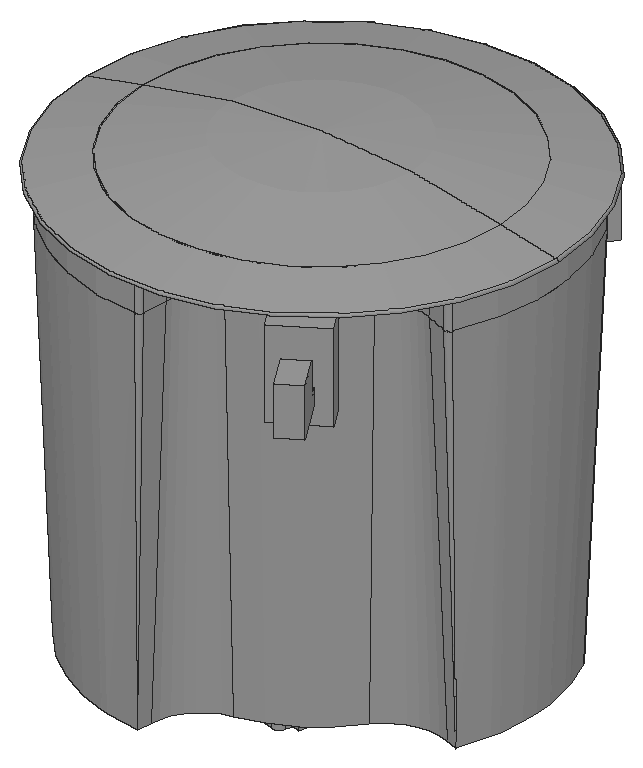
Revit family "FAP40T-B", category Communication Devices, Revit 2014
Parameters (values of type "Two Way, Full Range, Coaxial Ceiling Loudspeaker")
  Width = 7 3/8"
  Weight Product = 8.5
  Warranty = "5 Year"
  Vertical Symmetry = yes
  URL = "www.atlassound.com"
  Transformer Option = yes
  Specification by User (default) = "TBD"
  Speaker Type = "S1"
  Speaker Listening Height [instance] = 30"
  Speaker Height [instance] = 120"
  Speaker Dispersion = 50.00°
  Speaker Cone Visible [instance] = no
  Speaker Cone Height [instance] = (Speaker Height - Speaker Listening Height)  # 90"
  Sensitivity = 87
  ScheduleType |RF| = "AtlasIED Master"
  Safety Features = "1 Safety Hang Point"
  Safety Agency Ratings = "UL Listed to Comply with UL1480, UL2043 and CSA60065. Suitable for Use in Air Handling Spaces per NFPA 70 and NFPA 90"
  SPL Max = 107
  Regulatory Compliance = "UL Listed to Comply with UL1480, UL2043 and CSA60065. Suitable for Use in Air Handling Spaces per NFPA 70 and NFPA 90"
  Radius of Speaker Cone [instance] = (Speaker Cone Height) * tan(Speaker Dispersion / 2)  # 41.96769"
  Product Page URL = "https://www.atlasied.com/fap40t"
  Product Documentation Link = "https://www.atlasied.com/f/2909/ATS001618%20FAP40T%20Datasheet%20RevD.pdf"
  Power Rating (RMS) = "16 Watts (8Ω)"
  OmniClass Title = "SPEAKERS"
  OmniClass Number = "23-37 17 13 19"
  Mounting/Rigging Provisions = "Patented Safety First Mounting System"
  Mount Material = QF_Plastic - Black - Fine Textured
  Model = "FAP40T-B"
  MaterFormat Title = "SPEAKERS"
  MasterFormat = "27 41 13"
  Market = "Commercial, Higher Education, Emergency"
  Manufacturer URL = "https://www.atlasied.com"
  Manufacturer Phone = "(800) 876 - 3333"
  Manufacturer Email = "support@atlasied.com"
  Manufacturer Address = "4545 E. Baseline Rd., Phoenix, AZ 85042"
  Manufacturer = "ATLAS SOUND"
  Input Connectors = "Input Via 2 Pole Terminal Strip"
  Ingress Protection = "IP-21"
  Impedance = 8
  IQ Category = "SPEAKERS"
  Height = 7 1/8"
  Grill Material = QF_Plastic - Black - Fine Textured
  Frequency Response  = "100Hz – 12kHz (±3dB) / 80Hz – 15kHz (±5dB)"
  Family Version [instance] = "2017-01"
  Family Code (default) = "LOUD SPEAKERS"
  Enclosure Material = none
  Dispersion Angle = 0.00°
  Description = "4\" IN CEILING LOUDSPEAKER WITH 16-WATT 70/100V TRANSFORMER AND PORTED ENCLOSURE - BLACK"
  Depth = 7 3/8"
  Coverage Vertical = 110.00°
  Coverage Horizontal = 110.00°
  Cost MSRP = 74.99
  Cost = 74.99
  Controls = "Front Mounted Tap Selector Switch"
  Color = none
  Body Material = QF_Plastic - Black - Fine Textured
  Baffle Material = none
  70V Taps = "1, 2, 4, 8, and 16 watts & 8Ω"
  100V Taps = "1, 2, 4, 8, and 16 Watts primary taps (@70.7V)"
Reference planes (in)
  plane 1 "Center (Front/Back)": y = 0
  plane 2: z = 0
  plane 3 "Center (Left/Right)": x = 0
  plane 4: z = 0.55153
  plane 5: x = 3.6
  plane 6: x = -3.6
  plane 7: x = 3.15625
  plane 8: x = -3.15625
  plane 9: z = -7.125
  plane 10: x = 3.6875
  plane 11: x = -3.6875
  plane 12: y = 3.6875
  plane 13: y = -3.6875
Forms (in)
  Revolve 1, solid, material "QF_Plastic - Black - Fine Textured" <- "Mount Material"
    sketch origin (0, 0, 0) x (1, 0, 0) y (0, 0, 1)
      loop
        line (-3.6875, 0) -> (0, 0) -> (0, 0.21227) -> (-2.79819, 0.21227)
        arc (-2.79819, 0.21227) -> (-3.2299, 0.12916) -> (-3.65991, 0.03769) r 22.63754
        arc (-3.65991, 0.03769) -> (-3.6808, 0.02404) -> (-3.6875, 0) r 0.03543
      axis (0, 0.21227) -> (0, 0)
    angle from 0 to 360
  Revolve 2, solid, material "QF_Plastic - Black - Fine Textured" <- "Grill Material"
    sketch origin (0, 0, 0) x (1, 0, 0) y (0, 0, 1)
      loop
        line (0, 0.21227) -> (0, 0.55118)
        arc (0, 0.55118) -> (-1.40933, 0.46619) -> (-2.79819, 0.21227) r 11.71431
        line (-2.79819, 0.21227) -> (0, 0.21227)
      axis (0, 0.55118) -> (0, 0.21227)
    angle from 0 to 360
  Extrusion 3, solid, material "QF_Plastic - Black - Fine Textured" <- "Body Material"
    sketch origin (0, 0, 0) x (0, 1, 0) y (1, 0, 0)
      loop
        arc (1.69539, 1.9359) -> (1.50176, 2.27101) -> (1.55271, 2.65467) r 0.60074
        line (1.55271, 2.65467) -> (1.71873, 3.00092)
        arc (1.71873, 3.00092) -> (1.72291, 3.0636) -> (1.68269, 3.11185) r 0.08454
        arc (1.68269, 3.11185) -> (0.12483, 3.53486) -> (-1.45875, 3.22155) r 3.53689
        arc (-1.45875, 3.22155) -> (-1.50233, 3.17596) -> (-1.50222, 3.11289) r 0.08453
        line (-1.50222, 3.11289) -> (-1.36092, 2.76314)
        arc (-1.36092, 2.76314) -> (-1.33528, 2.37337) -> (-1.55345, 2.04935) r 0.60426
        arc (-1.55345, 2.04935) -> (-2.18006, 1.36325) -> (-2.52204, 0.49928) r 2.57233
        arc (-2.52204, 0.49928) -> (-2.71515, 0.16334) -> (-3.07261, 0.01379) r 0.60421
        line (-3.07261, 0.01379) -> (-3.45549, -0.01299)
        arc (-3.45549, -0.01299) -> (-3.51222, -0.04054) -> (-3.53409, -0.0997) r 0.08453
        arc (-3.53409, -0.0997) -> (-3.1215, -1.66035) -> (-2.05838, -2.87511) r 3.53689
        arc (-2.05838, -2.87511) -> (-1.9971, -2.89006) -> (-1.94254, -2.85843) r 0.08453
        line (-1.94254, -2.85843) -> (-1.70624, -2.55599)
        arc (-1.70624, -2.55599) -> (-1.38236, -2.34326) -> (-0.99587, -2.37102) r 0.60421
        arc (-0.99587, -2.37102) -> (-0.08838, -2.57064) -> (0.83083, -2.43481) r 2.57233
        arc (0.83083, -2.43481) -> (1.21785, -2.43468) -> (1.52464, -2.67063) r 0.60074
        line (1.52464, -2.67063) -> (1.74149, -2.98754)
        arc (1.74149, -2.98754) -> (1.79369, -3.02249) -> (1.85558, -3.01179) r 0.08454
        arc (1.85558, -3.01179) -> (3.00085, -1.87415) -> (3.5213, -0.34608) r 3.53689
        arc (3.5213, -0.34608) -> (3.51168, -0.29537) -> (3.47618, -0.25792) r 0.09159
        line (3.47618, -0.25792) -> (3.08357, -0.20274)
        arc (3.08357, -0.20274) -> (2.713, -0.04089) -> (2.55245, 0.33026) r 0.55151
        arc (2.55245, 0.33026) -> (2.27067, 1.21141) -> (1.69539, 1.9359) r 2.57233
    from 0 to 0.48766
  Extrusion 4, solid, material "QF_Plastic - Black - Fine Textured" <- "Body Material"
    sketch origin (-0.12387, 0.40034, -6.495) x (-0.132851, -0.991136, 0) y (-0.991136, 0.132851, 0)
      loop
        arc (0.26326, -1.77144) -> (0.86528, -1.79885) -> (1.31036, -1.39252) r 0.7874
        line (1.31036, -1.39252) -> (1.92869, -0.07289)
        arc (1.92869, -0.07289) -> (1.95575, 0.5288) -> (1.54963, 0.97359) r 0.7874
        line (1.54963, 0.97359) -> (0.89354, 1.28101) -> (0.40075, 0.22932)
        arc (0.40075, 0.22932) -> (0.18155, -0.05927) -> (0.10007, -0.41239) r 0.86345
        line (0.10007, -0.41239) -> (-0.05027, -0.73324)
        arc (-0.05027, -0.73324) -> (-0.16154, -0.83482) -> (-0.31205, -0.82797) r 0.19685
        line (-0.31205, -0.82797) -> (-0.40474, -0.78454) -> (-0.58014, -1.15887)
        arc (-0.58014, -1.15887) -> (-0.58699, -1.30938) -> (-0.48541, -1.42065) r 0.19685
        line (-0.48541, -1.42065) -> (0.26326, -1.77144)
    from 0 to 0.13
  Extrusion 5, solid, material "QF_Plastic - Black - Fine Textured" <- "Body Material"
    sketch origin (-0.12387, 0.40034, -6.625) x (0.991136, -0.132851, 0) y (-0.132851, -0.991136, 0)
      loop
        arc (1.55031, 0.01928) -> (1.57211, 0.11421) -> (1.52381, 0.19878) r 0.13386
        line (1.52381, 0.19878) -> (1.31739, 1.59684) -> (1.44125, 1.61513) -> (1.39525, 1.92671) -> (1.27138, 1.90842) -> (1.25413, 2.02526)
        arc (1.25413, 2.02526) -> (1.20771, 2.10283) -> (1.12004, 2.12485) r 0.11811
        line (1.12004, 2.12485) -> (-0.97437, 1.81562)
        arc (-0.97437, 1.81562) -> (-1.13966, 1.75073) -> (-1.25963, 1.61981) r 0.3937
        arc (-1.25963, 1.61981) -> (-1.39893, 1.34152) -> (-1.50963, 1.05067) r 3.10039
        arc (-1.50963, 1.05067) -> (-1.53484, 0.86066) -> (-1.36217, 0.77745) r 0.16339
        arc (-1.36217, 0.77745) -> (-1.41682, 0.4909) -> (-1.44223, 0.2003) r 2.88386
        arc (-1.44223, 0.2003) -> (-1.403, 0.10799) -> (-1.30695, 0.07913) r 0.11811
        line (-1.30695, 0.07913) -> (-1.03143, 0.11981)
        arc (-1.03143, 0.11981) -> (-0.94376, 0.09778) -> (-0.89734, 0.02021) r 0.11811
        line (-0.89734, 0.02021) -> (-0.86513, -0.19789)
        arc (-0.86513, -0.19789) -> (-0.78776, -0.32717) -> (-0.64164, -0.36388) r 0.19685
        line (-0.64164, -0.36388) -> (-0.29111, -0.31213)
        arc (-0.29111, -0.31213) -> (0.04831, -0.18513) -> (0.40995, -0.20861) r 0.86345
        line (0.40995, -0.20861) -> (1.55891, -0.03897) -> (1.55031, 0.01928)
    from 0 to 0.13
  Extrusion 6, solid, material "QF_Plastic - Black - Fine Textured" <- "Body Material"
    sketch origin (-0.12387, 0.40034, -6.625) x (0.991136, -0.132851, 0) y (-0.132851, -0.991136, 0)
      loop
        arc (0.20285, -1.15237) -> (0.40411, -1.05602) -> (0.52648, -0.86943) r 0.41535
        line (0.52648, -0.86943) -> (0.73805, -0.83212) -> (0.72438, -0.75458) -> (0.43755, -0.80516)
        arc (0.43755, -0.80516) -> (0.18508, -1.05156) -> (-0.13644, -0.90637) r 0.31299
        line (-0.13644, -0.90637) -> (-0.42327, -0.95694) -> (-0.4096, -1.03449) -> (-0.19802, -0.99718)
        arc (-0.19802, -0.99718) -> (-0.01922, -1.13067) -> (0.20285, -1.15237) r 0.41535
      loop
        line (0.71388, -0.59288) -> (0.70707, -0.5541) -> (-0.4756, -0.76193) -> (-0.46878, -0.8007) -> (0.71388, -0.59288)
    from 0 to 0.50452
  SweptBlend 7, solid, material "QF_Plastic - Black - Fine Textured" <- "Body Material"
    path origin (0, 0, 0) x (1, 0, 0) y (0, 0, 1)
      loop
        line (0, -0.48766) -> (0, -6.495)
    profile origin (0, 0, -0.48766) x (0, -1, 0) y (1, 0, 0)
      loop
        arc (-1.69539, 1.9359) -> (-2.27067, 1.21141) -> (-2.55245, 0.33026) r 2.57233
        arc (-2.55245, 0.33026) -> (-2.713, -0.04089) -> (-3.08357, -0.20274) r 0.55151
        line (-3.08357, -0.20274) -> (-3.47618, -0.25792)
        arc (-3.47618, -0.25792) -> (-3.51168, -0.29537) -> (-3.5213, -0.34608) r 0.09159
        arc (-3.5213, -0.34608) -> (-3.00085, -1.87415) -> (-1.85558, -3.01179) r 3.53689
        arc (-1.85558, -3.01179) -> (-1.79369, -3.02249) -> (-1.74149, -2.98754) r 0.08454
        line (-1.74149, -2.98754) -> (-1.52464, -2.67063)
        arc (-1.52464, -2.67063) -> (-1.21785, -2.43468) -> (-0.83083, -2.43481) r 0.60074
        arc (-0.83083, -2.43481) -> (0.08838, -2.57064) -> (0.99587, -2.37102) r 2.57233
        arc (0.99587, -2.37102) -> (1.38236, -2.34326) -> (1.70624, -2.55599) r 0.60421
        line (1.70624, -2.55599) -> (1.94254, -2.85843)
        arc (1.94254, -2.85843) -> (1.9971, -2.89006) -> (2.05838, -2.87511) r 0.08453
        arc (2.05838, -2.87511) -> (3.1215, -1.66035) -> (3.53409, -0.0997) r 3.53689
        arc (3.53409, -0.0997) -> (3.51222, -0.04054) -> (3.45549, -0.01299) r 0.08453
        line (3.45549, -0.01299) -> (3.07261, 0.01379)
        arc (3.07261, 0.01379) -> (2.71515, 0.16334) -> (2.52204, 0.49928) r 0.60421
        arc (2.52204, 0.49928) -> (2.18006, 1.36325) -> (1.55345, 2.04935) r 2.57233
        arc (1.55345, 2.04935) -> (1.33528, 2.37337) -> (1.36092, 2.76314) r 0.60426
        line (1.36092, 2.76314) -> (1.50222, 3.11289)
        arc (1.50222, 3.11289) -> (1.50233, 3.17596) -> (1.45875, 3.22155) r 0.08453
        arc (1.45875, 3.22155) -> (-0.12483, 3.53486) -> (-1.68269, 3.11185) r 3.53689
        arc (-1.68269, 3.11185) -> (-1.72291, 3.0636) -> (-1.71873, 3.00092) r 0.08454
        line (-1.71873, 3.00092) -> (-1.55271, 2.65467)
        arc (-1.55271, 2.65467) -> (-1.50176, 2.27101) -> (-1.69539, 1.9359) r 0.60074
    end profile origin (0, 0, -6.495) x (0, -1, 0) y (1, 0, 0)
      loop
        arc (-1.53075, 1.74776) -> (-2.04763, 1.09835) -> (-2.30313, 0.30864) r 2.32233
        arc (-2.30313, 0.30864) -> (-2.53566, -0.2171) -> (-3.06037, -0.45194) r 0.80151
        line (-3.06037, -0.45194) -> (-3.25317, -0.47904)
        arc (-3.25317, -0.47904) -> (-2.78855, -1.74213) -> (-1.85665, -2.71312) r 3.28689
        line (-1.85665, -2.71312) -> (-1.73179, -2.53066)
        arc (-1.73179, -2.53066) -> (-1.29748, -2.1977) -> (-0.75021, -2.19816) r 0.85074
        arc (-0.75021, -2.19816) -> (0.07965, -2.32079) -> (0.89895, -2.14057) r 2.32233
        arc (0.89895, -2.14057) -> (1.44536, -2.10133) -> (1.90324, -2.40207) r 0.85421
        line (1.90324, -2.40207) -> (2.03946, -2.57642)
        arc (2.03946, -2.57642) -> (2.90076, -1.54298) -> (3.27589, -0.25104) r 3.28689
        line (3.27589, -0.25104) -> (3.05517, -0.2356)
        arc (3.05517, -0.2356) -> (2.5498, -0.02417) -> (2.27679, 0.45077) r 0.85421
        arc (2.27679, 0.45077) -> (1.96805, 1.23077) -> (1.40233, 1.85019) r 2.32233
        arc (1.40233, 1.85019) -> (1.0941, 2.30755) -> (1.12958, 2.85794) r 0.85426
        line (1.12958, 2.85794) -> (1.20953, 3.05583)
        arc (1.20953, 3.05583) -> (-0.11665, 3.28499) -> (-1.42351, 2.96344) r 3.28689
        line (-1.42351, 2.96344) -> (-1.32792, 2.76408)
        arc (-1.32792, 2.76408) -> (-1.25672, 2.22147) -> (-1.53075, 1.74776) r 0.85074
  Extrusion 8, solid, material "QF_Plastic - Black - Fine Textured" <- "Body Material"
    sketch origin (0, 0, 0) x (0, 1, 0) y (1, 0, 0)
      loop
        line (0.40934, -3.05952) -> (0.40934, -2.64543) -> (-0.44066, -2.64543) -> (-0.44066, -3.05952) -> (0.40934, -3.05952)
      loop
        line (-2.32737, 2.04314) -> (-2.76515, 1.31455) -> (-2.4102, 1.10128) -> (-1.97242, 1.82987) -> (-2.32737, 2.04314)
      loop
        line (2.39708, 1.87569) -> (2.04213, 1.66241) -> (2.47992, 0.93382) -> (2.83487, 1.14709) -> (2.39708, 1.87569)
    from 0.48766 to 1.85886
  Extrusion 9, solid, material "QF_Plastic - Black - Fine Textured" <- "Body Material"
    sketch origin (-3.41789, -0.459, 0) x (-0.999747, 0.022477, 0) y (0, 0, -1)
      loop
        line (0.46763, 1.61) -> (-0.75083, 1.61) -> (-0.75083, 1.36) -> (-0.15737, 1.36) -> (-0.15737, 0.86) -> (0.46763, 0.86) -> (0.46763, 1.61)
    from -0.2375 to -0.6125
  Extrusion 10, solid, material "QF_Plastic - Black - Fine Textured" <- "Body Material"
    sketch origin (0.74245, 2.19436, 0) x (0.573014, 0.819545, 0) y (0, 0, -1)
      loop
        line (1.59203, 1.60852) -> (0.37358, 1.60852) -> (0.37358, 1.35852) -> (0.96703, 1.35852) -> (0.96703, 0.85852) -> (1.59203, 0.85852) -> (1.59203, 1.60852)
    from -0.2375 to -0.6125
  Extrusion 11, solid, material "QF_Plastic - Black - Fine Textured" <- "Body Material"
    sketch origin (0.90404, -2.08976, 0) x (0.511281, -0.859414, 0) y (0, 0, 1)
      loop
        line (1.59203, -1.60852) -> (1.59203, -0.85852) -> (0.96703, -0.85852) -> (0.96703, -1.35852) -> (0.37358, -1.35852) -> (0.37358, -1.60852) -> (1.59203, -1.60852)
    from -0.2375 to -0.6125
  Blend 12, solid, material "Glass", visible <- "Speaker Cone Visible"
    base sketch origin (0, 0, 0) x (1, 0, 0) y (0, 1, 0)
      loop
        circle (0, 0.09521) r 41.96769
    top sketch origin (0, 0, 0) x (1, 0, 0) y (0, 1, 0)
      loop
        circle (0, 0.09521) r 0.13513
    from 90 <- "Speaker Cone Height" to 0
Cuts and joins
  joined: Extrusion 3, SweptBlend 7
Lines and regions (in)
  symbolic lines
    curve 1: circle (0, 0, 0) r 3.6875 normal (0, 0, 1)
    curve 2: circle (0, 0, 0) r 2.79819 normal (0, 0, 1)
  symbolic lines, style "Sound Projection Average", visible <- "Speaker Cone Visible"
    curve 3: circle (0, 0.09521, 0) r 41.96769 normal (0, 0, 1)
Dimensions and locks (in)
  plane 4 to plane 2 = 0.55153"
  "Height": plane 2 to plane 9
  "Width": plane 11 to plane 10
  "Depth": plane 13 to plane 12
  "Radius of Speaker Cone": radius of Blend 12 sketch curve
  aligned and locked: plane 2 to level
  aligned and locked: curve 3 to Blend 12
Automatic sketch dimensions
  curve 1 to curve 2 = 0"  (x2)
  plane 1 "Center (Front/Back)" to curve 2 = 0"
  curve 2 to plane 3 "Center (Left/Right)" = 0"
  Revolve 1 sketch curve to level = 0"
  plane 11 to Revolve 1 sketch curve = 0"
  Revolve 1 sketch curve to plane 3 "Center (Left/Right)" = 0"  (x2)
  level to Revolve 1 sketch curve = 0.00311"
  Revolve 1 sketch curve to plane 11 = 0.0353"
  Revolve 1 sketch curve to plane 8 = 0.35806"
  plane 3 "Center (Left/Right)" to Revolve 1 sketch curve = 1.26485"
  Revolve 1 sketch curve to plane 9 = 14.93266"
  level to Revolve 1 sketch curve = 0.21227"
  Revolve 1 sketch curve to plane 4 = 2.31042"
  Revolve 1 sketch curve to Revolve 1 sketch curve = 1/4"
  Revolve 2 sketch curve to plane 3 "Center (Left/Right)" = 0"  (x2)
  Revolve 2 sketch curve to plane 3 "Center (Left/Right)" = 0.00079"
  level to Revolve 2 sketch curve = 0.21227"
  Revolve 2 sketch curve to plane 8 = 0.35806"
  Revolve 2 sketch curve to plane 9 = 4.03813"
  Revolve 2 sketch curve to plane 4 = 2.31042"
  Revolve 2 sketch curve to Revolve 2 sketch curve = 1/4"
  Extrusion 3 sketch curve to Extrusion 3 sketch curve = 0"  (x36)
  Extrusion 3 sketch curve to Revolve 1 = 3.45549"
  Extrusion 3 sketch curve to Extrusion 3 sketch curve = 0.0059"
  Extrusion 3 sketch curve to Extrusion 3 sketch curve = 0.34073"
  Extrusion 3 sketch curve to Extrusion 3 sketch curve = 0.38288"
  Extrusion 3 sketch curve to Revolve 1 = 2.00915"
  Extrusion 3 sketch curve to Extrusion 3 sketch curve = 0.06661"
  Extrusion 3 sketch curve to Revolve 1 = 1.91869"
  Extrusion 3 sketch curve to Extrusion 3 sketch curve = 0.2363"
  Extrusion 3 sketch curve to Extrusion 3 sketch curve = 0.41646"
  Extrusion 3 sketch curve to Extrusion 3 sketch curve = 0.07838"
  Extrusion 3 sketch curve to Extrusion 3 sketch curve = 0.14131"
  Extrusion 3 sketch curve to Extrusion 3 sketch curve = 0.47612"
  Revolve 1 to Extrusion 3 sketch curve = 0.00139"
  Revolve 1 to Extrusion 3 sketch curve = 1.02453"
  Extrusion 3 sketch curve to Extrusion 3 sketch curve = 0.50011"
  Revolve 1 to Extrusion 3 sketch curve = 1.55271"
  Extrusion 3 sketch curve to Extrusion 3 sketch curve = 0.0898"
  Extrusion 3 sketch curve to Extrusion 3 sketch curve = 0.07623"
  Extrusion 3 sketch curve to Extrusion 3 sketch curve = 0.21685"
  Extrusion 3 sketch curve to Extrusion 3 sketch curve = 0.06977"
  Extrusion 3 sketch curve to Extrusion 3 sketch curve = 0.5383"
  Extrusion 3 sketch curve to Extrusion 3 sketch curve = 0.99257"
  Extrusion 3 sketch curve to Extrusion 3 sketch curve = 0.02008"
  Extrusion 3 sketch curve to Extrusion 3 sketch curve = 0.34657"
  Extrusion 3 sketch curve to Extrusion 3 sketch curve = 0.04603"
  Extrusion 3 sketch curve to Extrusion 3 sketch curve = 0.03167"
  Extrusion 3 sketch curve to Extrusion 3 sketch curve = 0.10709"
  Extrusion 3 sketch curve to Extrusion 3 sketch curve = 0.03655"
  Extrusion 3 sketch curve to Extrusion 3 sketch curve = 0.34975"
  Extrusion 3 sketch curve to Extrusion 3 sketch curve = 0.34625"
  Extrusion 3 sketch curve to Extrusion 3 sketch curve = 0.23242"
  Extrusion 3 sketch curve to Extrusion 3 sketch curve = 0.26669"
  Extrusion 3 sketch curve to Extrusion 3 sketch curve = 1.9142"
  Extrusion 3 sketch curve to Extrusion 3 sketch curve = 2.03958"
  Extrusion 3 sketch curve to Extrusion 3 sketch curve = 0.60274"
  Extrusion 3 sketch curve to Extrusion 3 sketch curve = 0.01367"
  Extrusion 3 sketch curve to Extrusion 3 sketch curve = 0.02677"
  Extrusion 3 sketch curve to Extrusion 3 sketch curve = 0.08433"
  Extrusion 3 sketch curve to Extrusion 3 sketch curve = 0.55115"
  Extrusion 3 sketch curve to Extrusion 3 sketch curve = 0.05518"
  Extrusion 3 sketch curve to Extrusion 3 sketch curve = 0.07919"
  Extrusion 3 sketch curve to Extrusion 3 sketch curve = 2.56978"
  Extrusion 3 sketch curve to Extrusion 3 sketch curve = 2.46788"
  Extrusion 3 sketch curve to Extrusion 3 sketch curve = 0.2504"
  Extrusion 3 sketch curve to Extrusion 3 sketch curve = 0.05204"
  Extrusion 3 sketch curve to Extrusion 3 sketch curve = 0.37199"
  Extrusion 3 sketch curve to Extrusion 3 sketch curve = 0.26917"
  Extrusion 3 sketch curve to Extrusion 3 sketch curve = 0.04774"
  Extrusion 3 sketch curve to Extrusion 3 sketch curve = 0.33284"
  SweptBlend 7 to Extrusion 4 sketch curve = 0.01017"
  Extrusion 4 sketch curve to SweptBlend 7 = 0.26195"
  Extrusion 4 sketch curve to Extrusion 4 sketch curve = 0.09473"
  Extrusion 4 sketch curve to Extrusion 4 sketch curve = 0.1754"
  Extrusion 4 sketch curve to Extrusion 4 sketch curve = 0.08352"  (x3)
  Extrusion 4 sketch curve to Extrusion 4 sketch curve = 0.09269"
  Extrusion 4 sketch curve to Extrusion 4 sketch curve = 0.32859"
  Extrusion 4 sketch curve to Extrusion 4 sketch curve = 0.30068"
  Extrusion 4 sketch curve to Extrusion 4 sketch curve = 0.49728"
  Extrusion 4 sketch curve to Extrusion 4 sketch curve = 0.49279"
  Extrusion 4 sketch curve to Extrusion 4 sketch curve = 0.36608"
  Extrusion 4 sketch curve to Extrusion 4 sketch curve = 0.25199"
  Extrusion 4 sketch curve to Extrusion 4 sketch curve = 0.71301"
  Extrusion 4 sketch curve to Extrusion 4 sketch curve = 0.6561"
  Extrusion 4 sketch curve to Extrusion 4 sketch curve = 0.71327"
  Extrusion 4 sketch curve to Extrusion 4 sketch curve = 0.10044"
  Extrusion 4 sketch curve to Extrusion 4 sketch curve = 0.3309"
  Extrusion 4 sketch curve to Extrusion 4 sketch curve = 0.04343"
  Extrusion 4 sketch curve to Extrusion 4 sketch curve = 0.17825"  (x2)
  Extrusion 4 sketch curve to Extrusion 4 sketch curve = 81/128"
  Extrusion 4 sketch curve to Extrusion 4 sketch curve = 0.23733"
  Extrusion 4 sketch curve to Extrusion 4 sketch curve = 0.35273"
  Extrusion 4 sketch curve to Extrusion 4 sketch curve = 0.68626"
  Extrusion 4 sketch curve to Extrusion 4 sketch curve = 0.30742"
  Extrusion 4 sketch curve to Extrusion 4 sketch curve = 0.33409"  (x2)
  Extrusion 4 sketch curve to Extrusion 4 sketch curve = 0"  (x4)
  Extrusion 5 sketch curve to Extrusion 5 sketch curve = 0"  (x16)
  Extrusion 5 sketch curve to Extrusion 4 = 0.0062"
  Extrusion 5 sketch curve to Extrusion 4 = 0.11862"
  Extrusion 5 sketch curve to Extrusion 5 sketch curve = 0.06685"
  Extrusion 5 sketch curve to Extrusion 5 sketch curve = 0.01725"  (x4)
  Extrusion 5 sketch curve to Extrusion 5 sketch curve = 0.27552"
  Extrusion 5 sketch curve to Extrusion 5 sketch curve = 0.4742"
  Extrusion 5 sketch curve to Extrusion 5 sketch curve = 0.11684"  (x3)
  Extrusion 5 sketch curve to Extrusion 5 sketch curve = 0.0322"
  Extrusion 5 sketch curve to Extrusion 5 sketch curve = 0.19474"
  Extrusion 5 sketch curve to Extrusion 5 sketch curve = 0.37928"
  Extrusion 5 sketch curve to Extrusion 5 sketch curve = 0.46554"
  Extrusion 5 sketch curve to Extrusion 5 sketch curve = 0.70106"
  Extrusion 5 sketch curve to Extrusion 5 sketch curve = 2.05415"
  Extrusion 5 sketch curve to Extrusion 5 sketch curve = 0.1341"
  Extrusion 5 sketch curve to Extrusion 5 sketch curve = 0.046"
  Extrusion 5 sketch curve to Extrusion 5 sketch curve = 0.12386"  (x2)
  Extrusion 5 sketch curve to Extrusion 5 sketch curve = 1.02974"
  Extrusion 5 sketch curve to Extrusion 5 sketch curve = 0.08412"
  Extrusion 5 sketch curve to Extrusion 5 sketch curve = 0.11062"
  Extrusion 5 sketch curve to Extrusion 5 sketch curve = 0.0086"
  Extrusion 5 sketch curve to Extrusion 5 sketch curve = 0.48788"
  Extrusion 5 sketch curve to Extrusion 5 sketch curve = 0.1707"
  Extrusion 5 sketch curve to Extrusion 5 sketch curve = 0.01829"  (x2)
  Extrusion 5 sketch curve to Extrusion 5 sketch curve = 0.31158"
  Extrusion 5 sketch curve to Extrusion 5 sketch curve = 0.09959"  (x2)
  Extrusion 5 sketch curve to Extrusion 5 sketch curve = 1.39806"
  Extrusion 5 sketch curve to Extrusion 5 sketch curve = 0.74229"
  Extrusion 5 sketch curve to Extrusion 5 sketch curve = 0.07616"
  Extrusion 5 sketch curve to Extrusion 5 sketch curve = 0.10413"
  Extrusion 5 sketch curve to Extrusion 5 sketch curve = 0.05825"
  Extrusion 5 sketch curve to Extrusion 5 sketch curve = 0.18935"
  Extrusion 5 sketch curve to Extrusion 5 sketch curve = 0.02875"  (x2)
  Extrusion 5 sketch curve to Extrusion 5 sketch curve = 0.30327"
  Extrusion 5 sketch curve to Extrusion 5 sketch curve = 0.14298"
  Extrusion 5 sketch curve to Extrusion 5 sketch curve = 0.11857"
  Extrusion 5 sketch curve to Extrusion 5 sketch curve = 0.02888"
  Extrusion 5 sketch curve to Extrusion 5 sketch curve = 0.28526"
  Extrusion 6 sketch curve to Extrusion 6 sketch curve = 0"  (x6)
  Extrusion 6 sketch curve to Extrusion 4 = 0.98953"
  Extrusion 6 sketch curve to Extrusion 4 = 0.85812"
  Extrusion 6 sketch curve to Extrusion 6 sketch curve = 0.00681"  (x2)
  Extrusion 6 sketch curve to Extrusion 6 sketch curve = 0.04551"
  Extrusion 6 sketch curve to Extrusion 6 sketch curve = 0.01367"  (x2)
  Extrusion 6 sketch curve to Extrusion 6 sketch curve = 0.21158"
  Extrusion 6 sketch curve to Extrusion 6 sketch curve = 0.06158"
  Extrusion 6 sketch curve to Extrusion 6 sketch curve = 0.26717"
  Extrusion 6 sketch curve to Extrusion 6 sketch curve = 0.30682"
  Extrusion 6 sketch curve to Extrusion 6 sketch curve = 0.08892"
  Extrusion 6 sketch curve to Extrusion 6 sketch curve = 0.1806"
  Extrusion 6 sketch curve to Extrusion 6 sketch curve = 0.01049"
  Extrusion 6 sketch curve to Extrusion 6 sketch curve = 0.00735"
  Extrusion 6 sketch curve to Extrusion 6 sketch curve = 0.01126"
  Extrusion 6 sketch curve to Extrusion 6 sketch curve = 0.1617"
  Extrusion 6 sketch curve to Extrusion 6 sketch curve = 0.05058"
  Extrusion 6 sketch curve to Extrusion 6 sketch curve = 0.07754"
  Extrusion 6 sketch curve to Extrusion 6 sketch curve = 0.06428"
  Extrusion 6 sketch curve to Extrusion 6 sketch curve = 5/32"
  Extrusion 6 sketch curve to Extrusion 6 sketch curve = 0.07213"
  SweptBlend 7 sketch curve to plane 3 "Center (Left/Right)" = 0"
  plane 9 to SweptBlend 7 sketch curve = 0.63"
  SweptBlend 7 sketch curve to level = 0.48766"
  SweptBlend 7 sketch curve to SweptBlend 7 sketch curve = 0"  (x67)
  profile plane to SweptBlend 7 sketch curve = 0.25792"
  SweptBlend 7 sketch curve to profile plane = 3.47618"
  SweptBlend 7 sketch curve to SweptBlend 7 sketch curve = 0.04603"
  SweptBlend 7 sketch curve to profile plane = 0.3484"  (x2)
  SweptBlend 7 sketch curve to SweptBlend 7 sketch curve = 0.37252"
  profile plane to SweptBlend 7 sketch curve = 0.20274"
  SweptBlend 7 sketch curve to SweptBlend 7 sketch curve = 0.34657"
  SweptBlend 7 sketch curve to profile plane = 2.09101"  (x2)
  SweptBlend 7 sketch curve to profile plane = 1.81126"
  SweptBlend 7 sketch curve to SweptBlend 7 sketch curve = 0.06977"
  SweptBlend 7 sketch curve to SweptBlend 7 sketch curve = 0.37228"
  SweptBlend 7 sketch curve to SweptBlend 7 sketch curve = 0.07623"
  SweptBlend 7 sketch curve to SweptBlend 7 sketch curve = 0.16603"
  SweptBlend 7 sketch curve to SweptBlend 7 sketch curve = 0.21685"
  SweptBlend 7 sketch curve to SweptBlend 7 sketch curve = 0.50011"
  SweptBlend 7 sketch curve to profile plane = 0.00012"  (x2)
  SweptBlend 7 sketch curve to profile plane = 0.00139"  (x2)
  profile plane to SweptBlend 7 sketch curve = 1.23012"  (x2)
  profile plane to SweptBlend 7 sketch curve = 1.36092"
  SweptBlend 7 sketch curve to SweptBlend 7 sketch curve = 0.06293"
  SweptBlend 7 sketch curve to SweptBlend 7 sketch curve = 0.07838"
  SweptBlend 7 sketch curve to SweptBlend 7 sketch curve = 0.47612"
  SweptBlend 7 sketch curve to SweptBlend 7 sketch curve = 0.55777"
  SweptBlend 7 sketch curve to SweptBlend 7 sketch curve = 0.2363"
  SweptBlend 7 sketch curve to SweptBlend 7 sketch curve = 0.06661"
  SweptBlend 7 sketch curve to profile plane = 0.01379"
  SweptBlend 7 sketch curve to SweptBlend 7 sketch curve = 1.15393"
  SweptBlend 7 sketch curve to SweptBlend 7 sketch curve = 0.04215"
  profile plane to SweptBlend 7 sketch curve = 0.09731"
  SweptBlend 7 sketch curve to SweptBlend 7 sketch curve = 0.37698"
  profile plane to SweptBlend 7 sketch curve = 0.01299"
  SweptBlend 7 sketch curve to SweptBlend 7 sketch curve = 0.0059"
  SweptBlend 7 sketch curve to SweptBlend 7 sketch curve = 0.07919"
  profile plane to SweptBlend 7 sketch curve = 2.55599"
  profile plane to SweptBlend 7 sketch curve = 2.67063"
  SweptBlend 7 sketch curve to SweptBlend 7 sketch curve = 0.2504"
  SweptBlend 7 sketch curve to SweptBlend 7 sketch curve = 0.05204"
  SweptBlend 7 sketch curve to SweptBlend 7 sketch curve = 0.37199"
  SweptBlend 7 sketch curve to SweptBlend 7 sketch curve = 0.26917"
  SweptBlend 7 sketch curve to SweptBlend 7 sketch curve = 0.04774"
  SweptBlend 7 sketch curve to SweptBlend 7 sketch curve = 0.33284"
  SweptBlend 7 sketch curve to SweptBlend 7 sketch curve = 0.60274"
  SweptBlend 7 sketch curve to SweptBlend 7 sketch curve = 2.03958"  (x2)
  SweptBlend 7 sketch curve to SweptBlend 7 sketch curve = 2.03145"
  SweptBlend 7 sketch curve to SweptBlend 7 sketch curve = 0.26669"
  SweptBlend 7 sketch curve to SweptBlend 7 sketch curve = 0.23242"
  SweptBlend 7 sketch curve to SweptBlend 7 sketch curve = 0.34625"
  SweptBlend 7 sketch curve to SweptBlend 7 sketch curve = 0.03655"
  SweptBlend 7 sketch curve to SweptBlend 7 sketch curve = 0.34975"
  SweptBlend 7 sketch curve to SweptBlend 7 sketch curve = 0.03167"
  SweptBlend 7 sketch curve to profile plane = 0.33026"
  profile plane to SweptBlend 7 sketch curve = 0.47904"
  SweptBlend 7 sketch curve to profile plane = 3.25317"
  SweptBlend 7 sketch curve to SweptBlend 7 sketch curve = 0.14951"
  profile plane to SweptBlend 7 sketch curve = 0.45194"
  SweptBlend 7 sketch curve to SweptBlend 7 sketch curve = 0.1928"
  SweptBlend 7 sketch curve to profile plane = 1.85665"
  SweptBlend 7 sketch curve to SweptBlend 7 sketch curve = 0.12485"
  SweptBlend 7 sketch curve to SweptBlend 7 sketch curve = 0.6675"
  SweptBlend 7 sketch curve to SweptBlend 7 sketch curve = 0.09559"
  SweptBlend 7 sketch curve to SweptBlend 7 sketch curve = 0.70726"
  profile plane to SweptBlend 7 sketch curve = 1.12958"
  SweptBlend 7 sketch curve to SweptBlend 7 sketch curve = 0.07995"
  SweptBlend 7 sketch curve to SweptBlend 7 sketch curve = 0.67313"
  SweptBlend 7 sketch curve to SweptBlend 7 sketch curve = 0.7891"
  SweptBlend 7 sketch curve to SweptBlend 7 sketch curve = 0.13622"
  profile plane to SweptBlend 7 sketch curve = 0.2356"
  SweptBlend 7 sketch curve to SweptBlend 7 sketch curve = 1.15193"
  SweptBlend 7 sketch curve to SweptBlend 7 sketch curve = 0.05959"
  profile plane to SweptBlend 7 sketch curve = 0.25104"
  SweptBlend 7 sketch curve to SweptBlend 7 sketch curve = 0.22071"
  SweptBlend 7 sketch curve to SweptBlend 7 sketch curve = 45/128"
  SweptBlend 7 sketch curve to SweptBlend 7 sketch curve = 0.29034"
  SweptBlend 7 sketch curve to SweptBlend 7 sketch curve = 0.18246"
  SweptBlend 7 sketch curve to SweptBlend 7 sketch curve = 0.17435"
  SweptBlend 7 sketch curve to profile plane = 0.61653"
  SweptBlend 7 sketch curve to SweptBlend 7 sketch curve = 2.07996"
  SweptBlend 7 sketch curve to SweptBlend 7 sketch curve = 0.3761"
  SweptBlend 7 sketch curve to SweptBlend 7 sketch curve = 0.32722"
  SweptBlend 7 sketch curve to SweptBlend 7 sketch curve = 0.19936"
  SweptBlend 7 sketch curve to profile plane = 0.30864"
  plane 1 "Center (Front/Back)" to Extrusion 8 sketch curve = 2.76515"
  Extrusion 8 sketch curve to Extrusion 8 sketch curve = 0.35495"  (x2)
  plane 7 to Extrusion 8 sketch curve = 1.11311"
  Extrusion 8 sketch curve to Extrusion 8 sketch curve = 0.43778"  (x2)
  plane 1 "Center (Front/Back)" to Extrusion 8 sketch curve = 0.44066"
  Extrusion 8 sketch curve to plane 1 "Center (Front/Back)" = 0.40934"
  Extrusion 8 sketch curve to plane 1 "Center (Front/Back)" = 2.04213"
  plane 7 to Extrusion 8 sketch curve = 1.28056"
  plane 3 "Center (Left/Right)" to Extrusion 8 sketch curve = 0.93382"
  Extrusion 8 sketch curve to Extrusion 8 sketch curve = 0.21328"
  Extrusion 8 sketch curve to plane 8 = 0.51082"
  Extrusion 8 sketch curve to plane 8 = 0.09673"
  Extrusion 9 sketch curve to level = 1.61"
  Extrusion 9 sketch curve to Extrusion 9 sketch curve = 0.59345"
  Extrusion 9 sketch curve to Extrusion 9 sketch curve = 5/8"
  Extrusion 9 sketch curve to Extrusion 9 sketch curve = 1/4"
  Extrusion 9 sketch curve to Extrusion 9 sketch curve = 1/2"
  Extrusion 10 sketch curve to level = 1.60852"
  Extrusion 10 sketch curve to Extrusion 10 sketch curve = 0.59345"
  Extrusion 10 sketch curve to Extrusion 10 sketch curve = 5/8"
  Extrusion 10 sketch curve to Extrusion 10 sketch curve = 1/4"
  Extrusion 10 sketch curve to Extrusion 10 sketch curve = 1/2"
  Extrusion 11 sketch curve to level = 1.60852"
  Extrusion 11 sketch curve to Extrusion 11 sketch curve = 0.59345"
  Extrusion 11 sketch curve to Extrusion 11 sketch curve = 5/8"
  Extrusion 11 sketch curve to Extrusion 11 sketch curve = 1/4"
  Extrusion 11 sketch curve to Extrusion 11 sketch curve = 3/4"
  Blend 12 sketch curve to plane 3 "Center (Left/Right)" = 0"  (x2)
  Blend 12 sketch curve to plane 1 "Center (Front/Back)" = 0.09521"  (x2)
  radius of curve 1 = 3 11/16"
  radius of curve 2 = 2.79819"
  radius of Blend 12 sketch curve = 0.13513"
Nested families (in)
  nested 1: "Speaker Annotation" at (0, 0, 0), Speaker Type <- "Speaker Type", type "Data Annotation"
    with Speaker Type "S1"
Definition of nested family "Speaker Annotation"
  Parameters (values of type "Data Annotation")
    Speaker Type [instance] = ""
  Reference planes (in)
    plane 1: y = 0
    plane 2: x = 0
  Lines and regions (in)
    detail lines, style "Data Device"
      curve 1: circle (-0.00295, 0.00032, 0) r 0.09489 normal (0, 0, 1)
  Text (in)
    label "S1" at (0.00193, -0.00496, 0), shows "Speaker Type"
